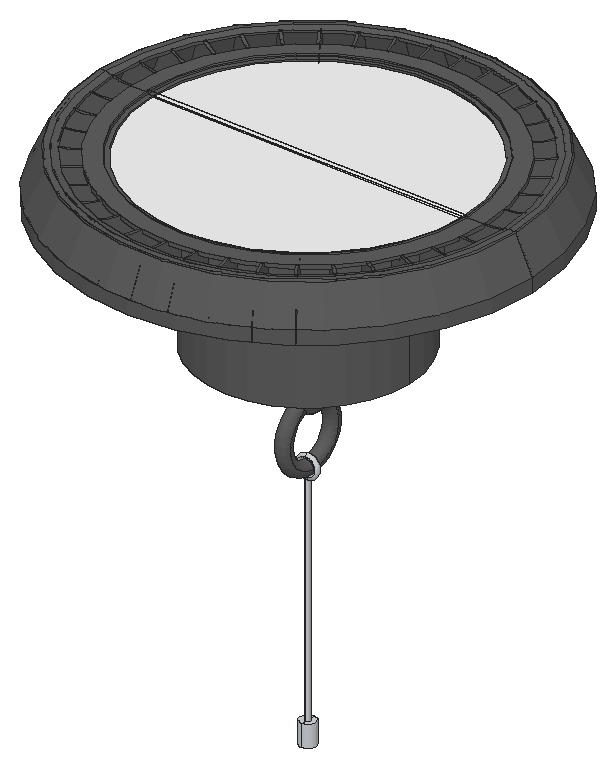
Revit family "0039366 Sylvania Lighting Fixture START HighBay IP65 DALI 19000lm 840 WB pendant", category Lighting Fixtures, host Face, Revit 2017
Family settings
  Host = Face
  Round Connector Dimension = Use Diameter
  Part Type = Normal
  OmniClass Number = 23.80.70.00
  OmniClass Title = Lighting
  Cut with Voids When Loaded = No
  Light Source = Yes
  Shared = No
  Room Calculation Point = No
Parameters (values of type "0039366 START HighBay IP65 DALI 19000lm 840 WB")
  WidthStraight_FEILO = if(SizeS_FEILO, 3 mm, if(SizeM_FEILO, 4 mm, 4.7 mm))  # 4 mm
  WidthRingChamfer_FEILO = if(SizeS_FEILO, 10.3 mm, if(SizeM_FEILO, 11.2 mm, 12.9 mm))  # 11.2 mm
  WidthCurved_FEILO = if(SizeS_FEILO, 17.4 mm, if(SizeM_FEILO, 16.4 mm, 26.2 mm))  # 16.4 mm
  WidthCurvedRing_FEILO = if(SizeS_FEILO, 3 mm, if(SizeM_FEILO, 4 mm, 4.7 mm))  # 4 mm
  WidthBracket_FEILO = 40 mm
  Weight = "3.4 kg"
  Wattage Comments = ""
  Wattage = 150 W
  WarrantyStartDate [instance] = "n/a"
  WarrantyGuarantorParts = "n/a"
  WarrantyDurationUnit = "n/a"
  WarrantyDurationParts = "n/a"
  WarrantyDescription = "n/a"
  built-in parameter 1150110 = 1 (stored number, unit not read)
  Voltage = 0 V
  VisibilityBracket_FEILO = no
  URL = "http://www.sylvania-lighting.com"
  TypeName = "START HighBay IP65 DALI 19000lm 840 WB"
  Type Image = <None>
  Type Comments = "n/a"
  built-in parameter 1114217 = 1 (stored number, unit not read)
  Tilt Angle = -90.00°
  ThicknessWall_FEILO = 1.5 mm
  ThicknessBracket_FEILO = 1.5 mm
  ThicknessBracketHalf_FEILO = ThicknessBracket_FEILO / 2  # 0.75 mm
  built-in parameter 1150109 = 1 (stored number, unit not read)
  built-in parameter 1150134 = 1
  SuspensionHeight_FEILO [instance] = 350 mm
  built-in parameter 1150113 = 1 (stored number, unit not read)
  SizeS_FEILO = no
  SizeM_FEILO = yes
  SerialNumber [instance] = "n/a"
  Rib4_FEILO = if(SizeS_FEILO, 18.1 mm, if(SizeM_FEILO, 13.6 mm, 14.6 mm))  # 13.6 mm
  Rib3_FEILO = if(SizeS_FEILO, 15.3 mm, if(SizeM_FEILO, 17.6 mm, 20.2 mm))  # 17.6 mm
  Rib2_FEILO = if(SizeS_FEILO, 3.6 mm, if(SizeM_FEILO, 3.9 mm, 4.5 mm))  # 3.9 mm
  Rib1_FEILO = if(SizeS_FEILO, 15.1 mm, if(SizeM_FEILO, 16.5 mm, 19 mm))  # 16.5 mm
  RadiusDiffuser_FEILO = if(SizeS_FEILO, 95.2 mm, if(SizeM_FEILO, 105.3 mm, 120 mm))  # 105.3 mm
  RadiusArrayPost_FEILO = DriverRadius_FEILO - 6 mm  # 61.2 mm
  RHRadius3_FEILO = if(SizeS_FEILO, 6.6 mm, if(SizeM_FEILO, 7.4 mm, 8.6 mm))  # 7.4 mm
  RHRadius2_FEILO = if(SizeS_FEILO, 11 mm, if(SizeM_FEILO, 12 mm, 14 mm))  # 12 mm
  RHRadius1_FEILO = if(SizeS_FEILO, 13.6 mm, if(SizeM_FEILO, 14.9 mm, 17.7 mm))  # 14.9 mm
  RHHeight4_FEILO = if(SizeS_FEILO, 7.3 mm, if(SizeM_FEILO, 8 mm, 9.2 mm))  # 8 mm
  RHHeight3_FEILO = if(SizeS_FEILO, 3.6 mm, if(SizeM_FEILO, 3.7 mm, 4.6 mm))  # 3.7 mm
  RHHeight2_FEILO = if(SizeS_FEILO, 2 mm, if(SizeM_FEILO, 2.2 mm, 2.6 mm))  # 2.2 mm
  RHHeight1_FEILO = if(SizeS_FEILO, 11.8 mm, if(SizeM_FEILO, 15.3 mm, 17.4 mm))  # 15.3 mm
  Photometric Web File = "0039366.ies"
  Material_3_FEILO = LED-Sylvania-StartHighbay-Glow
  PowerFactor = 0.95
  PowerConsumption = "150 W"
  NominalLength = 296 mm
  NominalHeight = 172 mm
  NominalDepth = 296 mm
  Name = "START HighBay IP65 DALI 19000lm 840 WB"
  ModelReference = Name  # "START HighBay IP65 DALI 19000lm 840 WB"
  ModelNumber = "0039366"
  Model = Name  # "START HighBay IP65 DALI 19000lm 840 WB"
  Material = "aluminium alloy housing, polycarbonate diffuser"
  ManufacturerName = "Feilo Sylvania"
  Manufacturer = "Feilo Sylvania"
  LuminousEfficacy = "130 lm/W"
  built-in parameter 1150105 = 1551.8 (stored number, unit not read)
  Lumens = 19500 lm
  LuminaireType = ""
  built-in parameter 1150115 = 1 (stored number, unit not read)
  LightOutputRatio = "n/a"
  built-in parameter 1150137 = (empty or 0)
  built-in parameter 1150139 = (empty or 0)
  LampsType = Lamp  # "LED"
  LampNominalLuminous = "19500 lm"
  LampMacAdamStep = "6"
  LampColourTemperature = "6500 K"
  LampColourRenderingIndex = "80"
  built-in parameter 1150112 = 1 (stored number, unit not read)
  built-in parameter 1150114 = 1 (stored number, unit not read)
  Lamp = "LED"
  Keynote = "16500"
  InstallationDate [instance] = "n/a"
  InputVoltage = "n/a"
  InputNominalFrequency = "50/60 Hz"
  built-in parameter 1150132 = (empty or 0)
  built-in parameter 1150102 = (empty or 0)
  built-in parameter 1150107 = 6500 (stored number, unit not read)
  built-in parameter 1150138 = (empty or 0)
  IngressProtection = "IP65"
  ImpactProtectionIndex = "IK08"
  built-in parameter 1150106 = 15.518 (stored number, unit not read)
  IfcExportType = "IfcLightFixtureType"
  IfcExportAs = "IfcLightFixtureType"
  HeightRing_FEILO = if(SizeS_FEILO, 19.8 mm, if(SizeM_FEILO, 32 mm, 36.8 mm))  # 32 mm
  HeightRingChamfer_FEILO = if(SizeS_FEILO, 11.7 mm, if(SizeM_FEILO, 23.2 mm, 26.6 mm))  # 23.2 mm
  EyeThickness_FEILO = if(SizeS_FEILO, 8.4 mm, if(SizeM_FEILO, 9.2 mm, 10.5 mm))  # 9.2 mm
  EyeThicknessHalf_FEILO = EyeThickness_FEILO / 2  # 4.6 mm
  EyeInner_FEILO = if(SizeS_FEILO, 13.8 mm, if(SizeM_FEILO, 15.1 mm, 17.3 mm))  # 15.1 mm
  ExpectedLife = 50000
  Emit from Circle Diameter = RadiusDiffuser_FEILO * 2  # 210.6 mm
  Emit Shape Visible in Rendering = no
  ElectricShockClassification = "Class I"
  built-in parameter 1150104 = 12.077 (stored number, unit not read)
  DurationUnit = "hours"
  DriverVerticalStraight_FEILO = if(SizeS_FEILO, 46.5 mm, if(SizeM_FEILO, 49.7 mm, 57 mm))  # 49.7 mm
  DriverVerticalChamfer_FEILO = if(SizeS_FEILO, 7.5 mm, if(SizeM_FEILO, 8.2 mm, 9.5 mm))  # 8.2 mm
  DriverRadius_FEILO = if(SizeS_FEILO, 61.4 mm, if(SizeM_FEILO, 67.2 mm, 76.4 mm))  # 67.2 mm
  DriverRadiusTop_FEILO = if(SizeS_FEILO, 42 mm, if(SizeM_FEILO, 45.3 mm, 52.4 mm))  # 45.3 mm
  DriverBottom_FEILO = if(SizeS_FEILO, 56 mm, if(SizeM_FEILO, 64.5 mm, 74 mm))  # 64.5 mm
  DocumentationLiterature = "http://www.sylvania-lighting.com/product/en-int/products/0039366"
  DimmingControlOptions = "Dimmable"
  Material_2_FEILO = Diffuser-Sylvania-StartHighbay-Transparent
  Radius_FEILO = if(SizeS_FEILO, 135 mm, if(SizeM_FEILO, 148 mm, 169.5 mm))  # 148 mm
  Dimming Lamp Color Temperature Shift = <None>
  DiameterWire_FEILO = 3 mm
  DiameterWireSupport_FEILO = 10 mm
  Description = "START Highbay, includes 1 m cables, black aluminium housing, 19,500 Lm, 150 W, 130 Lm/W, 6500 K, drive current: 3300 mA, CRI 80, 90° beam angle, DALI dimmable, IP65, IK08, 50,000 hrs (L80/B50), (D x H) 296 x 172 mm."
  Default Elevation = 1219.2 mm
  CreatedOn = "5/15/2018"
  CreatedBy = ""
  Cost = 0
  Color Filter = 16777215
  built-in parameter 1114216 [instance] = (empty or 0)
  ClassificationValue = "EF_70_80"
  ClassificationName = "Uniclass2015"
  Material_1_FEILO = Body-Sylvania-StartHighbay-Black
  BarCode [instance] = "n/a"
  built-in parameter 1114218 = 1 (stored number, unit not read)
  built-in parameter 1150133 = 10 (stored number, unit not read)
  AssetType = "Fixed"
  AssetIdentifier [instance] = "n/a"
  Assembly Code = "D5020200"
  Apparent Load = 150 VA
  Material_4_FEILO = none
Reference planes
  plane 1 "Center (Front/Back)": y = 0
  plane 2: z = 0
  plane 3 "Center (Left/Right)": x = 0
  plane 4: z = 350
  plane 5: x = -148
  plane 6: x = -136.8
  plane 7: z = 326.8
  plane 8: z = 318
  plane 9: x = -132.8
  plane 10: z = 347.375
  plane 11: x = -116.4
  plane 12: x = -105.3
  plane 13: x = -128.8
  plane 14: z = 348.375
  plane 15: z = 346.375
  plane 16: x = -102.3
  plane 17: z = 345.375
  plane 18: x = -146.5
  plane 19: x = -131.5
  plane 20: z = 314.1
  plane 21: x = -113.9
  plane 22: z = 300.5
  plane 23: x = -20
  plane 24: z = 285.5
  plane 25: x = -67.2
  plane 26: z = 235.8
  plane 27: x = -45.3
  plane 28: z = 227.6
  plane 29: x = -14.9
  plane 30: z = 212.3
  plane 31: z = 210.1
  plane 32: x = -12
  plane 33: z = 206.4
  plane 34: z = 198.4
  plane 35: x = -7.4
  plane 36: z = 183.3
  plane 37: z = 168.2
  plane 38: x = 4.6
  plane 39: x = -4.6
  plane 40: z = 159
  plane 41: z = 163.6
  plane 42: x = -141.65
  plane 43: x = -145.5
  plane 44: z = 316.5
  plane 45: x = -135.3
  plane 46: z = 260.65
  plane 47: y = -20
  plane 48: y = 20
  plane 49: x = 148
  plane 50: x = 136.8
  plane 51: x = 146.5
  plane 52: x = 141.65
  plane 53: x = 145.5
  plane 54: x = 135.3
  plane 55: z = 171.2
  plane 56: y = 1.5
  plane 57: y = -1.5
  plane 58: z = 169.7
  plane 59: z = 157.5
  plane 60: z = 156
  plane 61: y = -5
  plane 62: y = 5
  plane 63: z = 14
Forms (mm)
  Revolve 1, solid, material "Body-Sylvania-StartHighbay-Black" <- "Material_1_FEILO", detail levels medium+fine
    sketch origin (0, 0, 0) x (1, 0, 0) y (0, 0, 1)
      loop
        line (-148, 318) -> (-146.5, 318) -> (-146.5, 326.457) -> (-136.402, 347.375) -> (-128.8, 347.375) -> (-128.8, 348.859)
        arc (-128.8, 348.859) -> (-130.811, 349.39) -> (-132.8, 350) r 52.543
        line (-132.8, 350) -> (-136.341, 350)
        arc (-136.341, 350) -> (-136.831, 349.825) -> (-137.099, 349.38) r 0.774
        line (-137.099, 349.38) -> (-148, 326.8) -> (-148, 318)
      axis (0, 350) -> (0, 318)
    angle from 360 to 0
  Revolve 2, solid, material "Body-Sylvania-StartHighbay-Black" <- "Material_1_FEILO", detail levels medium+fine
    sketch origin (0, 0, 0) x (1, 0, 0) y (0, 0, 1)
      loop
        line (-116.4, 345.375) -> (-105.3, 345.375) -> (-105.3, 326.8) -> (0, 326.8) -> (0, 345.375) -> (-102.3, 345.375) -> (-102.3, 346.375) -> (-105.3, 346.375) -> (-105.3, 347.375) -> (-116.4, 347.375) -> (-116.4, 345.375)
      axis (0, 347.375) -> (0, 326.8)
    angle from 360 to 0
  Revolve 3, solid, material "Diffuser-Sylvania-StartHighbay-Transparent" <- "Material_2_FEILO", detail levels medium+fine
    sketch origin (0, 0, 0) x (1, 0, 0) y (0, 0, 1)
      loop
        line (-105.3, 346.375) -> (0, 346.375) -> (0, 348.375) -> (-105.3, 348.375) -> (-105.3, 346.375)
      axis (0, 348.375) -> (0, 346.375)
    angle from 360 to 0
  Revolve 4, solid, material "Body-Sylvania-StartHighbay-Black" <- "Material_1_FEILO"
    sketch origin (0, 0, 0) x (1, 0, 0) y (0, 0, 1)
      loop
        line (-67.2, 300.5) -> (-67.2, 235.8) -> (-45.3, 227.6) -> (-14.9, 227.6) -> (-14.9, 212.3) -> (-12, 210.1) -> (-12, 206.4) -> (-7.837, 199.126)
        arc (-7.837, 199.126) -> (-7.29, 198.594) -> (-6.553, 198.4) r 1.5
        line (-6.553, 198.4) -> (0, 198.4) -> (0, 300.5) -> (-67.2, 300.5)
      axis (0, 300.5) -> (0, 198.4)
    angle from 360 to 0
  Revolve 5, solid, material "Body-Sylvania-StartHighbay-Black" <- "Material_1_FEILO"
    sketch origin (0, 0, 0) x (1, 0, 0) y (0, 0, 1)
      loop
        circle (0, 163.6) r 4.6
      axis (4.6, 183.3) -> (-4.6, 183.3)
    angle from 360 to 0
  Extrusion 6, solid, material "Body-Sylvania-StartHighbay-Black" <- "Material_1_FEILO", visible <- "VisibilityBracket_FEILO"
    sketch origin (0, 0, 0) x (1, 0, 0) y (0, 0, 1)
      loop
        line (-145.5, 318) -> (-145.5, 316.5) -> (-137.55, 316.5)
        arc (-137.55, 316.5) -> (-137.02, 316.28) -> (-136.8, 315.75) r 0.75
        line (-136.8, 315.75) -> (-136.8, 260.65) -> (-135.3, 260.65) -> (-135.3, 316.5)
        arc (-135.3, 316.5) -> (-135.739, 317.561) -> (-136.8, 318) r 1.5
        line (-136.8, 318) -> (-145.5, 318)
      loop
        line (145.5, 318) -> (136.8, 318)
        arc (136.8, 318) -> (135.739, 317.561) -> (135.3, 316.5) r 1.5
        line (135.3, 316.5) -> (135.3, 260.65) -> (136.8, 260.65) -> (136.8, 315.75)
        arc (136.8, 315.75) -> (137.02, 316.28) -> (137.55, 316.5) r 0.75
        line (137.55, 316.5) -> (145.5, 316.5) -> (145.5, 318)
    from -20 to 20
  Extrusion 7, void
    sketch origin (0, 0, 0) x (0, 1, 0) y (0, 0, 1)
      loop
        arc (-10, 260.65) -> (-17.071, 263.579) -> (-20, 270.65) r 10
        line (-20, 270.65) -> (-25, 270.65) -> (-25, 255.65) -> (-10, 255.65) -> (-10, 260.65)
      loop
        line (10, 260.65) -> (10, 255.65) -> (25, 255.65) -> (25, 270.65) -> (20, 270.65)
        arc (20, 270.65) -> (17.071, 263.579) -> (10, 260.65) r 10
    from -136.8 to 136.8
  Revolve 8, solid, material "Body-Sylvania-StartHighbay-Black" <- "Material_1_FEILO", detail levels coarse
    sketch origin (0, 0, 0) x (1, 0, 0) y (0, 0, 1)
      loop
        line (0, 350) -> (-136.8, 350) -> (-148, 326.8) -> (-148, 318) -> (-131.5, 318) -> (-131.5, 314.1) -> (-113.9, 300.5) -> (0, 300.5) -> (0, 350)
      axis (0, 350) -> (0, 300.5)
    angle from 360 to 0
  Revolve 9, solid
    sketch origin (0, 0, 0) x (0, 1, 0) y (0, 0, 1)
      loop
        circle (0, 169.7) r 1.5
      axis (1.5, 163.6) -> (-1.5, 163.6)
    angle from 360 to 0
  Revolve 10, solid
    sketch origin (0, 0, 0) x (0, 1, 0) y (0, 0, 1)
      loop
        line (0, 0) -> (0, 157.5) -> (-1.5, 157.5) -> (-1.5, 14) -> (-5, 14) -> (-5, 0) -> (0, 0)
      axis (0, 0) -> (0, 157.5)
    angle from 360 to 0
Cuts and joins
  Extrusion 7 cuts Extrusion 6
Lines and regions (mm)
  reference lines
    curve 1: line (-148, 0, 326.8) -> (-136.8, 0, 350)
    curve 2: line (-116.4, 0, 347.375) -> (0, 0, 347.375)
    curve 3: arc (-116.4, 0, 347.375) -> (-124.704, 0, 348.035) -> (-132.8, 0, 350) r 52.543
    curve 4: line (-136.8, 0, 350) -> (-132.8, 0, 350)
    curve 5: line (-136.402, 0, 347.375) -> (-146.5, 0, 326.457)
    curve 6: line (-131.5, 0, 314.1) -> (-113.9, 0, 300.5)
    curve 7: line (-12, 0, 206.4) -> (-7.4, 0, 198.4)
    curve 8: circle (0, 0, 163.6) r 4.6 normal (0, -1, 0)
Dimensions and locks
  "Radius_FEILO": plane 3 "Center (Left/Right)" to plane 5
  "WidthRingChamfer_FEILO": plane 6 to plane 5
  "WidthStraight_FEILO": plane 9 to plane 6
  "WidthCurvedRing_FEILO": plane 13 to plane 9
  locked: plane 10 to plane 15 at 1
  locked: plane 14 to plane 10 at 1
  locked: plane 4 to plane 10 at 2.625
  locked: plane 15 to plane 17 at 1
  "ThicknessWall_FEILO": plane 18 to plane 5
  "ThicknessWall_FEILO": curve 5 to curve 1
  "HeightRingChamfer_FEILO": plane 4 to plane 7
  "HeightRing_FEILO": plane 4 to plane 8
  "RadiusDiffuser_FEILO": plane 3 "Center (Left/Right)" to plane 12
  locked: plane 16 to plane 12 at 3
  "WidthCurved_FEILO": plane 11 to plane 9
  "SuspensionHeight_FEILO": plane 4 to plane 2
  "Rib1_FEILO": plane 19 to plane 5
  "Rib2_FEILO": plane 8 to plane 20
  "Rib3_FEILO": plane 21 to plane 19
  "Rib4_FEILO": plane 20 to plane 22
  locked: plane 3 "Center (Left/Right)" to plane 23 at 20
  "DriverBottom_FEILO": plane 4 to plane 24
  "DriverRadius_FEILO": plane 3 "Center (Left/Right)" to plane 25
  "DriverVerticalStraight_FEILO": plane 24 to plane 26
  "DriverRadiusTop_FEILO": plane 3 "Center (Left/Right)" to plane 27
  "DriverVerticalChamfer_FEILO": plane 26 to plane 28
  "RHRadius1_FEILO": plane 3 "Center (Left/Right)" to plane 29
  "RHHeight2_FEILO": plane 30 to plane 31
  "RHRadius2_FEILO": plane 3 "Center (Left/Right)" to plane 32
  "RHHeight3_FEILO": plane 31 to plane 33
  "RHHeight4_FEILO": plane 33 to plane 34
  "RHRadius3_FEILO": plane 3 "Center (Left/Right)" to plane 35
  "RHHeight1_FEILO": plane 28 to plane 30
  "EyeInner_FEILO": plane 34 to plane 36
  "EyeInner_FEILO": plane 36 to plane 37
  equal spacing: plane 38, plane 3 "Center (Left/Right)", plane 39
  "EyeThickness_FEILO": plane 38 to plane 39
  "EyeThickness_FEILO": plane 37 to plane 40
  equal spacing: plane 37, plane 41, plane 40
  equal spacing: plane 6, plane 42, plane 18
  "ThicknessBracket_FEILO": plane 45 to plane 6
  "ThicknessBracket_FEILO": plane 8 to plane 44
  locked: plane 43 to plane 18 at 1
  equal spacing: plane 24, plane 46, plane 26
  equal spacing: plane 47, plane 1 "Center (Front/Back)", plane 48
  "WidthBracket_FEILO": plane 47 to plane 48
  "WidthRingChamfer_FEILO": plane 50 to plane 49
  "ThicknessWall_FEILO": plane 51 to plane 49
  equal spacing: plane 50, plane 52, plane 51
  "ThicknessBracket_FEILO": plane 54 to plane 50
  locked: plane 53 to plane 51 at 1
  "Radius_FEILO": plane 49 to plane 3 "Center (Left/Right)"
  equal spacing: plane 57, imposter light, plane 56
  "DiameterWire_FEILO": plane 57 to plane 56
  "DiameterWire_FEILO": plane 37 to plane 55
  equal spacing: plane 37, plane 58, plane 55
  "DiameterWire_FEILO": plane 60 to plane 40
  equal spacing: plane 60, plane 59, plane 40
  equal spacing: plane 61, plane 1 "Center (Front/Back)", plane 62
  "DiameterWireSupport_FEILO": plane 61 to plane 62
  locked: plane 63 to plane 2 at 14
  "EyeThicknessHalf_FEILO": radius of curve 8
  "ThicknessBracket_FEILO": radius of Extrusion 6 sketch curve  (x2)
  "ThicknessBracketHalf_FEILO": radius of Extrusion 6 sketch curve  (x2)
  "DiameterWire_FEILO": diameter of Revolve 9 sketch curve
  aligned and locked: plane 2 to host face
  aligned and locked: level to host face
  aligned and locked: plane 5 to curve 1
  aligned and locked: plane 6 to curve 1
  aligned and locked: plane 7 to curve 1
  aligned and locked: plane 10 to curve 2
  aligned and locked: plane 9 to curve 3
  aligned and locked: plane 4 to curve 3
  aligned and locked: plane 11 to curve 3
  aligned and locked: plane 4 to curve 4
  aligned and locked: plane 18 to curve 5
  aligned and locked: plane 10 to curve 5
  aligned and locked: Revolve 1 sketch curve to plane 3 "Center (Left/Right)"
  aligned and locked: Revolve 1 sketch curve to curve 3
  aligned and locked: Revolve 1 sketch curve to curve 1
  aligned and locked: plane 4 to Revolve 1 sketch curve
  aligned and locked: plane 9 to Revolve 1 sketch curve
  aligned and locked: Revolve 1 sketch curve to plane 13
  aligned and locked: Revolve 1 sketch curve to plane 10
  aligned and locked: plane 13 to Revolve 1 sketch curve
  aligned and locked: plane 10 to Revolve 1 sketch curve
  aligned and locked: Revolve 1 sketch curve to plane 18
  aligned and locked: Revolve 1 sketch curve to plane 8
  aligned and locked: plane 5 to Revolve 1 sketch curve  (x2)
  aligned and locked: Revolve 2 sketch curve to plane 3 "Center (Left/Right)"
  aligned and locked: plane 11 to Revolve 2 sketch curve
  aligned and locked: Revolve 2 sketch curve to curve 2
  aligned and locked: plane 15 to Revolve 2 sketch curve
  aligned and locked: Revolve 2 sketch curve to plane 16
  aligned and locked: plane 17 to Revolve 2 sketch curve  (x2)
  aligned and locked: Revolve 2 sketch curve to plane 12
  aligned and locked: plane 7 to Revolve 2 sketch curve
  aligned and locked: Revolve 3 sketch curve to plane 3 "Center (Left/Right)"
  aligned and locked: Revolve 3 sketch curve to plane 14
  aligned and locked: plane 3 "Center (Left/Right)" to Revolve 3 sketch curve
  aligned and locked: Revolve 3 sketch curve to plane 12
  aligned and locked: plane 15 to Revolve 3 sketch curve
  aligned and locked: Revolve 1 sketch curve to curve 5
  aligned and locked: plane 22 to curve 6
  aligned and locked: plane 21 to curve 6
  aligned and locked: plane 20 to curve 6
  aligned and locked: plane 19 to curve 6
  aligned and locked: plane 33 to curve 7
  aligned and locked: plane 32 to curve 7
  aligned and locked: plane 35 to curve 7
  aligned and locked: plane 34 to curve 7
  aligned and locked: Revolve 4 sketch curve to plane 3 "Center (Left/Right)"
  aligned and locked: Revolve 4 sketch curve to plane 25
  aligned and locked: plane 27 to Revolve 4 sketch curve
  aligned and locked: plane 28 to Revolve 4 sketch curve
  aligned and locked: plane 30 to Revolve 4 sketch curve
  aligned and locked: Revolve 4 sketch curve to plane 29
  aligned and locked: plane 31 to Revolve 4 sketch curve
  aligned and locked: Revolve 4 sketch curve to curve 7
  aligned and locked: Revolve 4 sketch curve to plane 32
  aligned and locked: plane 34 to Revolve 4 sketch curve
  aligned and locked: plane 3 "Center (Left/Right)" to Revolve 4 sketch curve
  aligned and locked: plane 3 "Center (Left/Right)" to curve 8
  aligned and locked: plane 41 to curve 8
  aligned and locked: Revolve 5 sketch curve to plane 36
  aligned and locked: Revolve 5 sketch curve to curve 8
  aligned and locked: plane 43 to Extrusion 6 sketch curve  (x2)
  aligned and locked: plane 8 to Extrusion 6 sketch curve  (x3)
  aligned and locked: Extrusion 6 sketch curve to plane 45
  aligned and locked: Extrusion 6 sketch curve to plane 46  (x2)
  aligned and locked: plane 6 to Extrusion 6 sketch curve
  aligned and locked: Extrusion 6 sketch curve to plane 44  (x2)
  aligned and locked: Extrusion 6 to plane 48
  aligned and locked: plane 47 to Extrusion 6
  aligned and locked: plane 53 to Extrusion 6 sketch curve
  aligned and locked: plane 50 to Extrusion 6 sketch curve
  aligned and locked: Extrusion 6 sketch curve to plane 54
  aligned and locked: Extrusion 7 sketch curve to Extrusion 7 sketch curve
  aligned and locked: Extrusion 7 to plane 6
  aligned and locked: Extrusion 7 to Extrusion 6
  aligned and locked: Revolve 4 sketch curve to plane 22
  aligned and locked: plane 23 to nested 1
  aligned and locked: plane 1 "Center (Front/Back)" to nested 1
  aligned and locked: Revolve 8 sketch curve to plane 3 "Center (Left/Right)"
  aligned and locked: Revolve 8 sketch curve to plane 4
  aligned and locked: plane 6 to Revolve 8 sketch curve
  aligned and locked: plane 4 to Revolve 8 sketch curve
  aligned and locked: plane 7 to Revolve 8 sketch curve
  aligned and locked: Revolve 8 sketch curve to plane 5
  aligned and locked: plane 8 to Revolve 8 sketch curve  (x2)
  aligned and locked: Revolve 8 sketch curve to plane 19
  aligned and locked: plane 20 to Revolve 8 sketch curve
  aligned and locked: plane 19 to Revolve 8 sketch curve
  aligned and locked: plane 21 to Revolve 8 sketch curve
  aligned and locked: plane 22 to Revolve 8 sketch curve  (x2)
  aligned and locked: Revolve 8 sketch curve to Revolve 8 sketch curve
  aligned and locked: imposter light to plane 4
  aligned and locked: plane 3 "Center (Left/Right)" to imposter light
  aligned and locked: imposter light to plane 1 "Center (Front/Back)"
  aligned and locked: Revolve 9 sketch curve to plane 41
  aligned and locked: Revolve 10 sketch curve to plane 1 "Center (Front/Back)"
  aligned and locked: plane 1 "Center (Front/Back)" to Revolve 10 sketch curve  (x2)
  aligned and locked: host face to Revolve 10 sketch curve
  aligned and locked: plane 63 to Revolve 10 sketch curve
  aligned and locked: Revolve 10 sketch curve to plane 61
  aligned and locked: Revolve 10 sketch curve to plane 57
  aligned and locked: plane 59 to Revolve 10 sketch curve
Automatic sketch dimensions
  host sketch curve to host sketch curve = 2438.4 mm  (x2)
  curve 2 to plane 3 "Center (Left/Right)" = 0 mm
  Revolve 1 sketch curve to plane 6 = 0.299 mm
  plane 6 to Revolve 1 sketch curve = 0.459 mm
  Revolve 1 sketch curve to level = 609.6 mm
  Revolve 1 sketch curve to Revolve 1 sketch curve = 2312.223 mm
  Revolve 2 sketch curve to plane 12 = 0 mm
  Revolve 2 sketch curve to plane 3 "Center (Left/Right)" = 0 mm
  Revolve 2 sketch curve to level = 609.6 mm
  Revolve 2 sketch curve to plane 4 = 2339.058 mm
  Revolve 3 sketch curve to level = 609.6 mm
  Revolve 3 sketch curve to plane 4 = 2339.058 mm
  Revolve 5 sketch curve to plane 5 = 1080 mm
  plane 38 to Revolve 5 sketch curve = 1219.2 mm
  Extrusion 7 sketch curve to plane 47 = 0 mm
  plane 46 to Extrusion 7 sketch curve = 0 mm  (x2)
  Extrusion 7 sketch curve to plane 48 = 0 mm
  plane 47 to Extrusion 7 sketch curve = 5 mm
  plane 1 "Center (Front/Back)" to Extrusion 7 sketch curve = 10 mm
  Extrusion 7 sketch curve to Extrusion 7 sketch curve = 10 mm
  plane 46 to Extrusion 7 sketch curve = 5 mm
  Extrusion 7 sketch curve to Extrusion 7 sketch curve = 5 mm
  Extrusion 7 sketch curve to plane 48 = 5 mm
  Revolve 4 sketch curve to plane 26 = 0 mm
  Revolve 4 sketch curve to plane 35 = 0.437 mm
  plane 35 to Revolve 4 sketch curve = 0.847 mm
  Revolve 4 sketch curve to plane 34 = 0.726 mm
  plane 40 to Revolve 4 sketch curve = 590.2 mm
  Revolve 4 sketch curve to plane 4 = 2339.058 mm
  Revolve 8 sketch curve to level = 609.6 mm
  Revolve 8 sketch curve to Revolve 8 sketch curve = 2386.058 mm
  Revolve 9 sketch curve to plane 1 "Center (Front/Back)" = 0 mm
  plane 58 to Revolve 9 sketch curve = 0 mm
  plane 47 to Revolve 9 sketch curve = 2534.941 mm
  Revolve 9 sketch curve to plane 48 = 2077.409 mm
  Revolve 10 sketch curve to Revolve 10 sketch curve = 609.6 mm
  Revolve 10 sketch curve to plane 4 = 2123.807 mm
Nested families
  nested 1: "Start Highbay Rib" at (0, 0, 347.375), type "Type Name", detail levels medium+fine
    with SuspensionHeight_FEILO 2.6 mm
  nested 2: "Start Highbay Rib" at (0, 0, 347.375) x (0.9877, 0.1564, 0) z (0, 0, 1), type "Type Name", detail levels medium+fine
    with SuspensionHeight_FEILO 2.6 mm
  nested 3: "Start Highbay Rib" at (0, 0, 347.375) x (0.9511, 0.309, 0) z (0, 0, 1), type "Type Name", detail levels medium+fine
    with SuspensionHeight_FEILO 2.6 mm
  nested 4: "Start Highbay Rib" at (0, 0, 347.375) x (0.891, 0.454, 0) z (0, 0, 1), type "Type Name", detail levels medium+fine
    with SuspensionHeight_FEILO 2.6 mm
  nested 5: "Start Highbay Rib" at (0, 0, 347.375) x (0.809, 0.5878, 0) z (0, 0, 1), type "Type Name", detail levels medium+fine
    with SuspensionHeight_FEILO 2.6 mm
  nested 6: "Start Highbay Rib" at (0, 0, 347.375) x (0.7071, 0.7071, 0) z (0, 0, 1), type "Type Name", detail levels medium+fine
    with SuspensionHeight_FEILO 2.6 mm
  nested 7: "Start Highbay Rib" at (0, 0, 347.375) x (0.5878, 0.809, 0) z (0, 0, 1), type "Type Name", detail levels medium+fine
    with SuspensionHeight_FEILO 2.6 mm
  nested 8: "Start Highbay Rib" at (0, 0, 347.375) x (0.454, 0.891, 0) z (0, 0, 1), type "Type Name", detail levels medium+fine
    with SuspensionHeight_FEILO 2.6 mm
  nested 9: "Start Highbay Rib" at (0, 0, 347.375) x (0.309, 0.9511, 0) z (0, 0, 1), type "Type Name", detail levels medium+fine
    with SuspensionHeight_FEILO 2.6 mm
  nested 10: "Start Highbay Rib" at (0, 0, 347.375) x (0.1564, 0.9877, 0) z (0, 0, 1), type "Type Name", detail levels medium+fine
    with SuspensionHeight_FEILO 2.6 mm
  nested 11: "Start Highbay Rib" at (0, 0, 347.375) x (0, 1, 0) z (0, 0, 1), type "Type Name", detail levels medium+fine
    with SuspensionHeight_FEILO 2.6 mm
  nested 12: "Start Highbay Rib" at (0, 0, 347.375) x (-0.1564, 0.9877, 0) z (0, 0, 1), type "Type Name", detail levels medium+fine
    with SuspensionHeight_FEILO 2.6 mm
  nested 13: "Start Highbay Rib" at (0, 0, 347.375) x (-0.309, 0.9511, 0) z (0, 0, 1), type "Type Name", detail levels medium+fine
    with SuspensionHeight_FEILO 2.6 mm
  nested 14: "Start Highbay Rib" at (0, 0, 347.375) x (-0.454, 0.891, 0) z (0, 0, 1), type "Type Name", detail levels medium+fine
    with SuspensionHeight_FEILO 2.6 mm
  nested 15: "Start Highbay Rib" at (0, 0, 347.375) x (-0.5878, 0.809, 0) z (0, 0, 1), type "Type Name", detail levels medium+fine
    with SuspensionHeight_FEILO 2.6 mm
  nested 16: "Start Highbay Rib" at (0, 0, 347.375) x (-0.7071, 0.7071, 0) z (0, 0, 1), type "Type Name", detail levels medium+fine
    with SuspensionHeight_FEILO 2.6 mm
  nested 17: "Start Highbay Rib" at (0, 0, 347.375) x (-0.809, 0.5878, 0) z (0, 0, 1), type "Type Name", detail levels medium+fine
    with SuspensionHeight_FEILO 2.6 mm
  nested 18: "Start Highbay Rib" at (0, 0, 347.375) x (-0.891, 0.454, 0) z (0, 0, 1), type "Type Name", detail levels medium+fine
    with SuspensionHeight_FEILO 2.6 mm
  nested 19: "Start Highbay Rib" at (0, 0, 347.375) x (-0.9511, 0.309, 0) z (0, 0, 1), type "Type Name", detail levels medium+fine
    with SuspensionHeight_FEILO 2.6 mm
  nested 20: "Start Highbay Rib" at (0, 0, 347.375) x (-0.9877, 0.1564, 0) z (0, 0, 1), type "Type Name", detail levels medium+fine
    with SuspensionHeight_FEILO 2.6 mm
  nested 21: "Start Highbay Rib" at (0, 0, 347.375) x (-1, 0, 0) z (0, 0, 1), type "Type Name", detail levels medium+fine
    with SuspensionHeight_FEILO 2.6 mm
  nested 22: "Start Highbay Rib" at (0, 0, 347.375) x (-0.9877, -0.1564, 0) z (0, 0, 1), type "Type Name", detail levels medium+fine
    with SuspensionHeight_FEILO 2.6 mm
  nested 23: "Start Highbay Rib" at (0, 0, 347.375) x (-0.9511, -0.309, 0) z (0, 0, 1), type "Type Name", detail levels medium+fine
    with SuspensionHeight_FEILO 2.6 mm
  nested 24: "Start Highbay Rib" at (0, 0, 347.375) x (-0.891, -0.454, 0) z (0, 0, 1), type "Type Name", detail levels medium+fine
    with SuspensionHeight_FEILO 2.6 mm
  nested 25: "Start Highbay Rib" at (0, 0, 347.375) x (-0.809, -0.5878, 0) z (0, 0, 1), type "Type Name", detail levels medium+fine
    with SuspensionHeight_FEILO 2.6 mm
  nested 26: "Start Highbay Rib" at (0, 0, 347.375) x (-0.7071, -0.7071, 0) z (0, 0, 1), type "Type Name", detail levels medium+fine
    with SuspensionHeight_FEILO 2.6 mm
  nested 27: "Start Highbay Rib" at (0, 0, 347.375) x (-0.5878, -0.809, 0) z (0, 0, 1), type "Type Name", detail levels medium+fine
    with SuspensionHeight_FEILO 2.6 mm
  nested 28: "Start Highbay Rib" at (0, 0, 347.375) x (-0.454, -0.891, 0) z (0, 0, 1), type "Type Name", detail levels medium+fine
    with SuspensionHeight_FEILO 2.6 mm
  nested 29: "Start Highbay Rib" at (0, 0, 347.375) x (-0.309, -0.9511, 0) z (0, 0, 1), type "Type Name", detail levels medium+fine
    with SuspensionHeight_FEILO 2.6 mm
  nested 30: "Start Highbay Rib" at (0, 0, 347.375) x (-0.1564, -0.9877, 0) z (0, 0, 1), type "Type Name", detail levels medium+fine
    with SuspensionHeight_FEILO 2.6 mm
  nested 31: "Start Highbay Rib" at (0, 0, 347.375) x (0, -1, 0) z (0, 0, 1), type "Type Name", detail levels medium+fine
    with SuspensionHeight_FEILO 2.6 mm
  nested 32: "Start Highbay Rib" at (0, 0, 347.375) x (0.1564, -0.9877, 0) z (0, 0, 1), type "Type Name", detail levels medium+fine
    with SuspensionHeight_FEILO 2.6 mm
  nested 33: "Start Highbay Rib" at (0, 0, 347.375) x (0.309, -0.9511, 0) z (0, 0, 1), type "Type Name", detail levels medium+fine
    with SuspensionHeight_FEILO 2.6 mm
  nested 34: "Start Highbay Rib" at (0, 0, 347.375) x (0.454, -0.891, 0) z (0, 0, 1), type "Type Name", detail levels medium+fine
    with SuspensionHeight_FEILO 2.6 mm
  nested 35: "Start Highbay Rib" at (0, 0, 347.375) x (0.5878, -0.809, 0) z (0, 0, 1), type "Type Name", detail levels medium+fine
    with SuspensionHeight_FEILO 2.6 mm
  nested 36: "Start Highbay Rib" at (0, 0, 347.375) x (0.7071, -0.7071, 0) z (0, 0, 1), type "Type Name", detail levels medium+fine
    with SuspensionHeight_FEILO 2.6 mm
  nested 37: "Start Highbay Rib" at (0, 0, 347.375) x (0.809, -0.5878, 0) z (0, 0, 1), type "Type Name", detail levels medium+fine
    with SuspensionHeight_FEILO 2.6 mm
  nested 38: "Start Highbay Rib" at (0, 0, 347.375) x (0.891, -0.454, 0) z (0, 0, 1), type "Type Name", detail levels medium+fine
    with SuspensionHeight_FEILO 2.6 mm
  nested 39: "Start Highbay Rib" at (0, 0, 347.375) x (0.9511, -0.309, 0) z (0, 0, 1), type "Type Name", detail levels medium+fine
    with SuspensionHeight_FEILO 2.6 mm
  nested 40: "Start Highbay Rib" at (0, 0, 347.375) x (0.9877, -0.1564, 0) z (0, 0, 1), type "Type Name", detail levels medium+fine
    with SuspensionHeight_FEILO 2.6 mm
Connectors
  electrical at (0, 0, 0), driven by "Apparent Load", driven by "PowerFactor", driven by "Voltage"
    settings: index 1, voltage 0 V, apparent load 150 VA, apparent load phase1 0 VA, apparent load phase2 0 VA, apparent load phase3 0 VA, power factor 0.95, load classification "Lighting", number of poles 1, system type 30, power factor state 1, is connector primary yes, connector utility no, sub classification motor no, connector description ""
Definition of nested family "Start Highbay Rib"
  Parameters (values of type "Type Name")
    WidthStraight_FEILO = if(SizeS_FEILO, 3 mm, if(SizeM_FEILO, 4 mm, 4.7 mm))  # 3 mm
    WidthRingChamfer_FEILO = if(SizeS_FEILO, 10.3 mm, if(SizeM_FEILO, 11.2 mm, 12.9 mm))  # 10.3 mm
    WidthCurved_FEILO = if(SizeS_FEILO, 17.4 mm, if(SizeM_FEILO, 16.4 mm, 26.2 mm))  # 17.4 mm
    WidthCurvedRing_FEILO = if(SizeS_FEILO, 3 mm, if(SizeM_FEILO, 4 mm, 4.7 mm))  # 3 mm
    WidthBracket_FEILO = 40 mm
    URL = "http://www.feilosylvania.com"
    Type Image = (empty or 0)
    Type Comments = "n/a"
    ThicknessWall_FEILO = 1.5 mm
    ThicknessBracket_FEILO = 1.5 mm
    ThicknessBracketHalf_FEILO = ThicknessBracket_FEILO / 2  # 0.75 mm
    SuspensionHeight_FEILO [instance] = 2.6 mm
    SizeS_FEILO = yes
    SizeM_FEILO = no
    Rib4_FEILO = if(SizeS_FEILO, 18.1 mm, if(SizeM_FEILO, 13.6 mm, 14.6 mm))  # 18.1 mm
    Rib3_FEILO = if(SizeS_FEILO, 15.3 mm, if(SizeM_FEILO, 17.6 mm, 20.2 mm))  # 15.3 mm
    Rib2_FEILO = if(SizeS_FEILO, 3.6 mm, if(SizeM_FEILO, 3.9 mm, 4.5 mm))  # 3.6 mm
    Rib1_FEILO = if(SizeS_FEILO, 15.1 mm, if(SizeM_FEILO, 16.5 mm, 19 mm))  # 15.1 mm
    RadiusRib_FEILO = 2 mm
    RadiusDiffuser_FEILO = if(SizeS_FEILO, 95.2 mm, if(SizeM_FEILO, 105.3 mm, 120 mm))  # 95.2 mm
    RHRadius3_FEILO = if(SizeS_FEILO, 6.6 mm, if(SizeM_FEILO, 7.4 mm, 8.6 mm))  # 6.6 mm
    RHRadius2_FEILO = if(SizeS_FEILO, 11 mm, if(SizeM_FEILO, 12 mm, 14 mm))  # 11 mm
    RHRadius1_FEILO = if(SizeS_FEILO, 13.6 mm, if(SizeM_FEILO, 14.9 mm, 17.7 mm))  # 13.6 mm
    RHHeight4_FEILO = if(SizeS_FEILO, 7.3 mm, if(SizeM_FEILO, 8 mm, 9.2 mm))  # 7.3 mm
    RHHeight3_FEILO = if(SizeS_FEILO, 3.6 mm, if(SizeM_FEILO, 3.7 mm, 4.6 mm))  # 3.6 mm
    RHHeight2_FEILO = if(SizeS_FEILO, 2 mm, if(SizeM_FEILO, 2.2 mm, 2.6 mm))  # 2 mm
    RHHeight1_FEILO = if(SizeS_FEILO, 11.8 mm, if(SizeM_FEILO, 15.3 mm, 17.4 mm))  # 11.8 mm
    Material_3_FEILO = none
    Model = ""
    Manufacturer = "Feilo Sylvania"
    Keynote = "16500"
    HeightRing_FEILO = if(SizeS_FEILO, 19.8 mm, if(SizeM_FEILO, 32 mm, 36.8 mm))  # 19.8 mm
    HeightRingChamfer_FEILO = if(SizeS_FEILO, 11.7 mm, if(SizeM_FEILO, 23.2 mm, 26.6 mm))  # 11.7 mm
    EyeThickness_FEILO = if(SizeS_FEILO, 8.4 mm, if(SizeM_FEILO, 9.2 mm, 10.5 mm))  # 8.4 mm
    EyeThicknessHalf_FEILO = EyeThickness_FEILO / 2  # 4.2 mm
    EyeInner_FEILO = if(SizeS_FEILO, 13.8 mm, if(SizeM_FEILO, 15.1 mm, 17.3 mm))  # 13.8 mm
    DriverVerticalStraight_FEILO = if(SizeS_FEILO, 46.5 mm, if(SizeM_FEILO, 49.7 mm, 57 mm))  # 46.5 mm
    DriverVerticalChamfer_FEILO = if(SizeS_FEILO, 7.5 mm, if(SizeM_FEILO, 8.2 mm, 9.5 mm))  # 7.5 mm
    DriverRadius_FEILO = if(SizeS_FEILO, 61.4 mm, if(SizeM_FEILO, 67.2 mm, 76.4 mm))  # 61.4 mm
    DriverRadiusTop_FEILO = if(SizeS_FEILO, 42 mm, if(SizeM_FEILO, 45.3 mm, 52.4 mm))  # 42 mm
    DriverBottom_FEILO = if(SizeS_FEILO, 56 mm, if(SizeM_FEILO, 64.5 mm, 74 mm))  # 56 mm
    Material_2_FEILO = none
    Radius_FEILO = if(SizeS_FEILO, 135 mm, if(SizeM_FEILO, 148 mm, 169.5 mm))  # 135 mm
    Description = ""
    Default Elevation = 1219.2 mm
    Cost = 0
    Material_1_FEILO = none
    Assembly Code = "D5020200"
    Material_4_FEILO = none
  Reference planes
    plane 1 "Center (Front/Back)": y = 0
    plane 2: z = 0
    plane 3 "Center (Left/Right)": x = 0
    plane 4: z = 2.6
    plane 5: x = -135
    plane 6: x = -124.7
    plane 7: z = -9.1
    plane 8: z = -17.2
    plane 9: x = -121.7
    plane 10: z = -0.025
    plane 11: x = -104.3
    plane 12: x = -95.2
    plane 13: x = -118.7
    plane 14: z = 0.975
    plane 15: z = -1.025
    plane 16: x = -92.2
    plane 17: z = -2.025
    plane 18: x = -133.5
    plane 19: x = -119.9
    plane 20: z = -20.8
    plane 21: x = -104.6
    plane 22: z = -38.9
    plane 23: x = -20
    plane 24: z = -53.4
    plane 25: x = -61.4
    plane 26: z = -99.9
    plane 27: x = -42
    plane 28: z = -107.4
    plane 29: x = -13.6
    plane 30: z = -119.2
    plane 31: z = -121.2
    plane 32: x = -11
    plane 33: z = -124.8
    plane 34: z = -132.1
    plane 35: x = -6.6
    plane 36: z = -145.9
    plane 37: z = -159.7
    plane 38: x = 4.2
    plane 39: x = -4.2
    plane 40: z = -168.1
    plane 41: z = -163.9
    plane 42: x = -129.1
    plane 43: x = -132.5
    plane 44: z = -18.7
    plane 45: x = -123.2
    plane 46: z = -76.65
    plane 47: y = -20
    plane 48: y = 20
    plane 49: x = 135
    plane 50: x = 124.7
    plane 51: x = 133.5
    plane 52: x = 129.1
    plane 53: x = 132.5
    plane 54: x = 123.2
    plane 55: y = 0.75
    plane 56: y = -0.75
  Forms (mm)
    Extrusion 1, solid
      sketch origin (4.2, 0, 0) x (1, 0, 0) y (0, 1, 0)
        loop
          line (-1219.2, 1219.2) -> (-1219.2, -1219.2) -> (1219.2, -1219.2) -> (1219.2, 1219.2) -> (-1219.2, 1219.2)
      from 0 to -68.017
    Extrusion 2, solid, material <- "Material_1_FEILO"
      sketch origin (0, 0, 0) x (1, 0, 0) y (0, 0, 1)
        loop
          arc (-104.3, -0.025) -> (-111.555, 0.423) -> (-118.7, 1.76) r 58.981
          line (-118.7, 1.76) -> (-118.7, -0.025) -> (-125.012, -0.025) -> (-133.5, -9.666) -> (-133.5, -17.2) -> (-119.9, -17.2) -> (-119.9, -20.068)
          arc (-119.9, -20.068) -> (-119.778, -20.755) -> (-119.427, -21.359) r 2
          line (-119.427, -21.359) -> (-104.966, -38.467)
          arc (-104.966, -38.467) -> (-104.381, -38.789) -> (-103.723, -38.9) r 2
          line (-103.723, -38.9) -> (-20, -38.9) -> (-20, -9.1) -> (-95.2, -9.1) -> (-95.2, -2.025) -> (-104.3, -2.025) -> (-104.3, -0.025)
      from -0.75 to 0.75
  Lines and regions (mm)
    reference lines
      curve 1: line (-135, 0, -9.1) -> (-124.7, 0, 2.6)
      curve 2: line (-104.3, 0, -0.025) -> (0, 0, -0.025)
      curve 3: arc (-104.3, 0, -0.025) -> (-113.098, 0, 0.635) -> (-121.7, 0, 2.6) r 58.981
      curve 4: line (-124.7, 0, 2.6) -> (-121.7, 0, 2.6)
      curve 5: line (-125.012, 0, -0.025) -> (-133.5, 0, -9.666)
      curve 6: line (-119.9, 0, -20.8) -> (-104.6, 0, -38.9)
  Dimensions and locks
    "Radius_FEILO": plane 3 "Center (Left/Right)" to plane 5
    "WidthRingChamfer_FEILO": plane 6 to plane 5
    "WidthStraight_FEILO": plane 9 to plane 6
    "WidthCurvedRing_FEILO": plane 13 to plane 9
    locked: plane 10 to plane 15 at 1
    locked: plane 14 to plane 10 at 1
    locked: plane 4 to plane 10 at 2.625
    locked: plane 15 to plane 17 at 1
    "ThicknessWall_FEILO": plane 18 to plane 5
    "ThicknessWall_FEILO": curve 5 to curve 1
    "HeightRingChamfer_FEILO": plane 4 to plane 7
    "HeightRing_FEILO": plane 4 to plane 8
    "RadiusDiffuser_FEILO": plane 3 "Center (Left/Right)" to plane 12
    locked: plane 16 to plane 12 at 3
    "WidthCurved_FEILO": plane 11 to plane 9
    "SuspensionHeight_FEILO": plane 4 to plane 2
    "Rib1_FEILO": plane 19 to plane 5
    "Rib2_FEILO": plane 8 to plane 20
    "Rib3_FEILO": plane 21 to plane 19
    "Rib4_FEILO": plane 20 to plane 22
    locked: plane 3 "Center (Left/Right)" to plane 23 at 20
    "DriverBottom_FEILO": plane 4 to plane 24
    "DriverRadius_FEILO": plane 3 "Center (Left/Right)" to plane 25
    "DriverVerticalStraight_FEILO": plane 24 to plane 26
    "DriverRadiusTop_FEILO": plane 3 "Center (Left/Right)" to plane 27
    "DriverVerticalChamfer_FEILO": plane 26 to plane 28
    "RHRadius1_FEILO": plane 3 "Center (Left/Right)" to plane 29
    "RHHeight2_FEILO": plane 30 to plane 31
    "RHRadius2_FEILO": plane 3 "Center (Left/Right)" to plane 32
    "RHHeight3_FEILO": plane 31 to plane 33
    "RHHeight4_FEILO": plane 33 to plane 34
    "RHRadius3_FEILO": plane 3 "Center (Left/Right)" to plane 35
    "RHHeight1_FEILO": plane 28 to plane 30
    "EyeInner_FEILO": plane 34 to plane 36
    "EyeInner_FEILO": plane 36 to plane 37
    equal spacing: plane 38, plane 3 "Center (Left/Right)", plane 39
    "EyeThickness_FEILO": plane 38 to plane 39
    "EyeThickness_FEILO": plane 37 to plane 40
    equal spacing: plane 37, plane 41, plane 40
    equal spacing: plane 6, plane 42, plane 18
    "ThicknessBracket_FEILO": plane 45 to plane 6
    "ThicknessBracket_FEILO": plane 8 to plane 44
    locked: plane 43 to plane 18 at 1
    equal spacing: plane 24, plane 46, plane 26
    equal spacing: plane 47, plane 1 "Center (Front/Back)", plane 48
    "WidthBracket_FEILO": plane 47 to plane 48
    "WidthRingChamfer_FEILO": plane 50 to plane 49
    "ThicknessWall_FEILO": plane 51 to plane 49
    equal spacing: plane 50, plane 52, plane 51
    "ThicknessBracket_FEILO": plane 54 to plane 50
    locked: plane 53 to plane 51 at 1
    "Radius_FEILO": plane 49 to plane 3 "Center (Left/Right)"
    equal spacing: plane 56, plane 1 "Center (Front/Back)", plane 55
    "ThicknessWall_FEILO": plane 56 to plane 55
    "RadiusRib_FEILO": radius of Extrusion 2 sketch curve  (x2)
    aligned and locked: plane 2 to Extrusion 1
    aligned and locked: level to Extrusion 1
    aligned and locked: plane 5 to curve 1
    aligned and locked: plane 6 to curve 1
    aligned and locked: plane 7 to curve 1
    aligned and locked: plane 10 to curve 2
    aligned and locked: plane 9 to curve 3
    aligned and locked: plane 4 to curve 3
    aligned and locked: plane 11 to curve 3
    aligned and locked: plane 4 to curve 4
    aligned and locked: plane 18 to curve 5
    aligned and locked: plane 10 to curve 5
    aligned and locked: plane 22 to curve 6
    aligned and locked: plane 21 to curve 6
    aligned and locked: plane 20 to curve 6
    aligned and locked: plane 19 to curve 6
    aligned and locked: Extrusion 2 sketch curve to plane 23
    aligned and locked: Extrusion 2 sketch curve to plane 22
    aligned and locked: Extrusion 2 sketch curve to curve 6
    aligned and locked: plane 19 to Extrusion 2 sketch curve
    aligned and locked: Extrusion 2 sketch curve to plane 8
    aligned and locked: Extrusion 2 sketch curve to curve 5
    aligned and locked: Extrusion 2 sketch curve to curve 3
    aligned and locked: Extrusion 2 to plane 55
    aligned and locked: plane 56 to Extrusion 2
    aligned and locked: curve 6 to Extrusion 2 sketch curve
  Automatic sketch dimensions
    Extrusion 1 sketch curve to Extrusion 1 sketch curve = 2438.4 mm  (x2)
    curve 2 to plane 3 "Center (Left/Right)" = 0 mm
    Extrusion 2 sketch curve to plane 18 = 0 mm
    Extrusion 2 sketch curve to plane 10 = 0 mm
    Extrusion 2 sketch curve to plane 13 = 0 mm
    Extrusion 2 sketch curve to plane 7 = 0 mm
    Extrusion 2 sketch curve to plane 12 = 0 mm
    Extrusion 2 sketch curve to plane 17 = 0 mm
    plane 19 to Extrusion 2 sketch curve = 0.473 mm
    Extrusion 2 sketch curve to plane 21 = 0.366 mm
